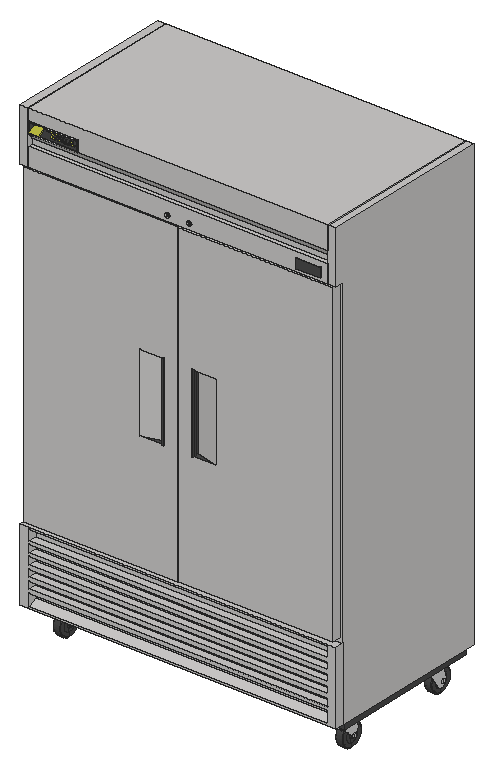
Revit family "QF_TRUE_TS-49-HC_cat", category Specialty Equipment, Revit 2014
Parameters
  Width = 54 1/8"
  Weight = "400"
  Watts = Volts * FL Amps  # 621 W
  Volts = 115 V
  URL Manufacturer = "www.truemfg.com"
  URL Cutsheet = "www.truemfg.com"
  URL = "www.truemfg.com"
  Type Mark [instance] = ""
  Type Comments = "www.truemfg.com"
  Status [instance] = ""
  Specification by User [instance] = ""
  Specification by Manufacturer = ""
  Show Seismic Flanged [instance] = no
  Show Logo [instance] = yes
  Show Legs [instance] = no
  Show Clearance [instance] = yes
  Serial Number = ""
  Seismic Rating = ""
  Seismic Plate [instance] = and(Show Seismic Flanged, not(Show Casters))  # no
  SMACNA No = ""
  Revision Code [instance] = ""
  Phase = 1
  Omniclass Number and Title = ""
  Number of Poles [instance] = 1
  NAFEM Spec ID Number = ""
  Model = "TS-49-HC"
  Min Ckt Ampacity = 0 A
  Max Overcurrent Protection = 0 A
  MasterSpec. = ""
  Manufacturer = "TRUE FOOD SERVICE EQUIPMENT, INC."
  Legs [instance] = or(Show Legs, Show Seismic Flanged)  # no
  Item Number [instance] = ""
  Installed By [instance] = ""
  Identify Quantity as Lot [instance] = yes
  Height = 83 5/16"
  HP = "1/2"
  Furnished By [instance] = ""
  Foodservice Equipment Identifier [instance] = yes
  FL Amps = 5.4 A
  Electrical Remarks [instance] = "230-240/50/1"
  Electric Connection Type [instance] = ""
  Elec Conn RI Height [instance] = 0"
  Elec Conn Connection Height [instance] = 0"
  Description = "REACH-IN SOLID SWING DOOR STAINLESS STEEL REFRIGERATOR WITH HYDROCARBON REFRIGERANT"
  Depth = 29 1/2"
  Cycle = 60 Hz
  Conn Plug = "NEMA-5-15P"
  Conn Conduit = yes
  Show Casters [instance] = and(not(Show Legs), not(Show Seismic Flanged))  # yes
  CSI MasterFormat = ""
  CSI Master Format = ""
  Body Finish = QF_Finishes_Stainless Steel
  Base Height [instance] = if(Show Casters, 5", 6")  # 5"
  Apparent Power = if(Phase = 3, Volts * FL Amps * 1.73, Volts * FL Amps)  # 621 VA
Reference planes (in)
  plane 1 "BACK": y = 0
  plane 2: z = 0
  plane 3 "LEFT": x = 0
  plane 4 "RIGHT": x = 54.125
  plane 5 "x": y = -31.09375
  plane 6 "TOP": z = 84.3125
  plane 7: z = 5
  plane 8 "FRONT": y = -29.5
  plane 9: z = 83.3125
Forms (in)
  Revolve 1, solid, material "QF_Finishes_Black", visible <- "Show Casters"
    sketch origin (53.28125, -23.20176, 0.5) x (-1, 0, 0) y (0, 0, -1)
      loop
        line (1.475, -3.5) -> (2.525, -3.5) -> (2.62908, -3.39592) -> (2.62908, -2.79941) -> (2.46399, -2.79941) -> (2.46399, -2.04941) -> (2.62908, -2.04941) -> (2.62908, -1.79941) -> (3.025, -1.79941) -> (3.025, -1.5) -> (0.975, -1.5) -> (0.975, -1.79941) -> (1.375, -1.79941) -> (1.375, -2.04941) -> (1.53601, -2.04941) -> (1.53601, -2.79941) -> (1.375, -2.79941) -> (1.375, -3.4) -> (1.475, -3.5)
      axis (3.025, -1.5) -> (0.975, -1.5)
    angle from 0 to 360
  Extrusion 2, solid, material "QF_Finishes_Handrails and Railings", visible <- "Show Casters"
    sketch origin (53.28125, -2.93273, 0.00141) x (0, 1, 0) y (0, 0, -1)
      loop
        line (-22.72048, -4.36074) -> (-19.97048, -4.36074) -> (-19.32266, -3.00185)
        arc (-19.32266, -3.00185) -> (-19.76408, -2.15178) -> (-20.72128, -2.18736) r 0.8952
        line (-20.72128, -2.18736) -> (-22.47048, -3.75589) -> (-22.72048, -3.75589) -> (-22.72048, -4.36074)
      loop
        line (-3.8577, -4.36074) -> (-1.1077, -4.36074) -> (-0.49013, -2.16805)
        arc (-0.49013, -2.16805) -> (-0.83033, -1.19773) -> (-1.8585, -1.18736) r 0.8952
        line (-1.8585, -1.18736) -> (-3.6077, -3.75589) -> (-3.8577, -3.75589) -> (-3.8577, -4.36074)
    from 1.175 to 1.325
  Extrusion 3, solid, material "QF_Finishes_Handrails and Railings", visible <- "Show Casters"
    sketch origin (51.78125, -2.93273, 0.00141) x (0, 1, 0) y (0, 0, -1)
      loop
        line (-22.72048, -4.36074) -> (-19.97048, -4.36074) -> (-19.32266, -3.00185)
        arc (-19.32266, -3.00185) -> (-19.76408, -2.15178) -> (-20.72128, -2.18736) r 0.8952
        line (-20.72128, -2.18736) -> (-22.47048, -3.75589) -> (-22.72048, -3.75589) -> (-22.72048, -4.36074)
      loop
        line (-3.8577, -4.36074) -> (-1.1077, -4.36074) -> (-0.49013, -2.16805)
        arc (-0.49013, -2.16805) -> (-0.83033, -1.19773) -> (-1.8585, -1.18736) r 0.8952
        line (-1.8585, -1.18736) -> (-3.6077, -3.75589) -> (-3.8577, -3.75589) -> (-3.8577, -4.36074)
    from 1.175 to 1.325
  Revolve 4, solid, material "QF_Finishes_Chrome - Satin", visible <- "Show Casters"
    sketch origin (53.28125, -24.38926, -1.49859) x (-1, 0, 0) y (0, 0, -1)
      loop
        line (2, -6.49859) -> (2, -5.86074) -> (0.70293, -5.86074) -> (0.70293, -6.49859) -> (2, -6.49859)
      axis (2, -5.86074) -> (2, -6.49859)
    angle from 0 to 360
  Revolve 5, solid, material "QF_Finishes_Chrome - Satin", visible <- "Show Casters"
    sketch origin (53.28125, -5.63594, -0.49859) x (-1, 0, 0) y (0, 0, -1)
      loop
        line (2, -4.86074) -> (0.70293, -4.86074) -> (0.70293, -5.49859) -> (2, -5.49859) -> (2, -4.86074)
      axis (2, -4.86074) -> (2, -5.49859)
    angle from 0 to 360
  Extrusion 6, solid, material "QF_Finishes_Handrails and Railings", visible <- "Show Casters"
    sketch origin (101.0625, -2.93273, 0.00141) x (0, 1, 0) y (0, 0, -1)
      loop
        line (-3.8577, -4.36074) -> (-1.1077, -4.36074) -> (-1.07167, -4.06727) -> (-3.6077, -3.75589) -> (-3.8577, -3.75589) -> (-3.8577, -4.36074)
      loop
        line (-22.72048, -4.36074) -> (-19.97048, -4.36074) -> (-19.93445, -4.06727) -> (-22.47048, -3.75589) -> (-22.72048, -3.75589) -> (-22.72048, -4.36074)
    from 49.10625 to 50.45625
  Revolve 7, solid, material "QF_Finishes_Black", visible <- "Show Casters"
    sketch origin (53.28125, -4.15148, 0.5) x (-1, 0, 0) y (0, 0, -1)
      loop
        line (1.475, -3.5) -> (2.525, -3.5) -> (2.62908, -3.39592) -> (2.62908, -2.79941) -> (2.46399, -2.79941) -> (2.46399, -2.04941) -> (2.62908, -2.04941) -> (2.62908, -1.79941) -> (3.025, -1.79941) -> (3.025, -1.5) -> (0.975, -1.5) -> (0.975, -1.79941) -> (1.375, -1.79941) -> (1.375, -2.04941) -> (1.53601, -2.04941) -> (1.53601, -2.79941) -> (1.375, -2.79941) -> (1.375, -3.4) -> (1.475, -3.5)
      axis (3.025, -1.5) -> (0.975, -1.5)
    angle from 0 to 360
  Revolve 8, solid, material "QF_Finishes_Black", visible <- "Show Casters"
    sketch origin (0.84375, -23.20176, 0.5) x (1, 0, 0) y (0, 0, 1)
      loop
        line (1.475, 3.5) -> (1.375, 3.4) -> (1.375, 2.79941) -> (1.53601, 2.79941) -> (1.53601, 2.04941) -> (1.375, 2.04941) -> (1.375, 1.79941) -> (0.975, 1.79941) -> (0.975, 1.5) -> (3.025, 1.5) -> (3.025, 1.79941) -> (2.62908, 1.79941) -> (2.62908, 2.04941) -> (2.46399, 2.04941) -> (2.46399, 2.79941) -> (2.62908, 2.79941) -> (2.62908, 3.39592) -> (2.525, 3.5) -> (1.475, 3.5)
      axis (3.025, 1.5) -> (0.975, 1.5)
    angle from 0 to 360
  Extrusion 9, solid, material "QF_Finishes_Handrails and Railings", visible <- "Show Casters"
    sketch origin (0.84375, -2.93273, 0.00141) x (0, 1, 0) y (0, 0, 1)
      loop
        line (-22.72048, 4.36074) -> (-22.72048, 3.75589) -> (-22.47048, 3.75589) -> (-20.72128, 2.18736)
        arc (-20.72128, 2.18736) -> (-19.76408, 2.15178) -> (-19.32266, 3.00185) r 0.8952
        line (-19.32266, 3.00185) -> (-19.97048, 4.36074) -> (-22.72048, 4.36074)
      loop
        line (-3.8577, 4.36074) -> (-3.8577, 3.75589) -> (-3.6077, 3.75589) -> (-1.8585, 2.18736)
        arc (-1.8585, 2.18736) -> (-0.83033, 2.19773) -> (-0.49013, 3.16805) r 0.8952
        line (-0.49013, 3.16805) -> (-1.1077, 4.36074) -> (-3.8577, 4.36074)
    from 1.175 to 1.325
  Revolve 10, solid, material "QF_Finishes_Chrome - Satin", visible <- "Show Casters"
    sketch origin (0.84375, -24.38926, -1.49859) x (1, 0, 0) y (0, 0, 1)
      loop
        line (2, 6.49859) -> (0.70293, 6.49859) -> (0.70293, 5.86074) -> (2, 5.86074) -> (2, 6.49859)
      axis (2, 5.86074) -> (2, 6.49859)
    angle from 0 to 360
  Revolve 11, solid, material "QF_Finishes_Chrome - Satin", visible <- "Show Casters"
    sketch origin (0.84375, -5.63594, -0.49859) x (1, 0, 0) y (0, 0, 1)
      loop
        line (2, 4.86074) -> (2, 5.49859) -> (0.70293, 5.49859) -> (0.70293, 4.86074) -> (2, 4.86074)
      axis (2, 4.86074) -> (2, 5.49859)
    angle from 0 to 360
  Extrusion 12, solid, material "QF_Finishes_Handrails and Railings", visible <- "Show Casters"
    sketch origin (-46.9375, -2.93273, 0.00141) x (0, 1, 0) y (0, 0, 1)
      loop
        line (-3.8577, 4.36074) -> (-3.8577, 3.75589) -> (-3.6077, 3.75589) -> (-1.07167, 4.06727) -> (-1.1077, 4.36074) -> (-3.8577, 4.36074)
      loop
        line (-22.72048, 4.36074) -> (-22.72048, 3.75589) -> (-22.47048, 3.75589) -> (-19.93445, 4.06727) -> (-19.97048, 4.36074) -> (-22.72048, 4.36074)
    from 49.10625 to 50.45625
  Revolve 13, solid, material "QF_Finishes_Black", visible <- "Show Casters"
    sketch origin (0.84375, -4.15148, 0.5) x (1, 0, 0) y (0, 0, 1)
      loop
        line (1.475, 3.5) -> (1.375, 3.4) -> (1.375, 2.79941) -> (1.53601, 2.79941) -> (1.53601, 2.04941) -> (1.375, 2.04941) -> (1.375, 1.79941) -> (0.975, 1.79941) -> (0.975, 1.5) -> (3.025, 1.5) -> (3.025, 1.79941) -> (2.62908, 1.79941) -> (2.62908, 2.04941) -> (2.46399, 2.04941) -> (2.46399, 2.79941) -> (2.62908, 2.79941) -> (2.62908, 3.39592) -> (2.525, 3.5) -> (1.475, 3.5)
      axis (3.025, 1.5) -> (0.975, 1.5)
    angle from 0 to 360
  Revolve 14, solid, material "QF_Finishes_Stainless Steel" <- "Body Finish", visible <- "Legs"
    sketch origin (0.84375, -23.09219, 0) x (1, 0, 0) y (0, 0, 1)
      loop
        line (2, 5) -> (0.68084, 5) -> (1.25, 1) -> (1.5, 1) -> (1.5, 0) -> (2, 0) -> (2, 5)
      axis (2, 0) -> (2, 5)
    angle from 0 to 360
  Revolve 15, solid, material "QF_Finishes_Stainless Steel" <- "Body Finish", visible <- "Legs"
    sketch origin (0.84375, -4.15148, 0) x (1, 0, 0) y (0, 0, -1)
      loop
        line (2, -5) -> (2, 0) -> (1.5, 0) -> (1.5, -1) -> (1.25, -1) -> (0.68084, -5) -> (2, -5)
      axis (2, 0) -> (2, -5)
    angle from 0 to 360
  Extrusion 16, solid, material "QF_Finishes_Stainless Steel" <- "Body Finish", visible <- "Seismic Plate"
    sketch origin (-0.22541, -2.45732, 0) x (1, 0, 0) y (0, 1, 0)
      loop
        circle (3.06916, -1.69416) r 1.5
    from 0 to 0.25
  Extrusion 17, solid, material "QF_Finishes_Stainless Steel" <- "Body Finish", visible <- "Seismic Plate"
    sketch origin (-0.22541, -21.39804, 0) x (1, 0, 0) y (0, 1, 0)
      loop
        circle (3.06916, -1.69416) r 1.5
    from 0 to 0.25
  Revolve 18, solid, material "QF_Finishes_Stainless Steel" <- "Body Finish", visible <- "Legs"
    sketch origin (53.28125, -23.09219, 0) x (-1, 0, 0) y (0, 0, -1)
      loop
        line (2, -5) -> (2, 0) -> (1.5, 0) -> (1.5, -1) -> (1.25, -1) -> (0.68084, -5) -> (2, -5)
      axis (2, 0) -> (2, -5)
    angle from 0 to 360
  Revolve 19, solid, material "QF_Finishes_Stainless Steel" <- "Body Finish", visible <- "Legs"
    sketch origin (53.28125, -4.15148, 0) x (-1, 0, 0) y (0, 0, 1)
      loop
        line (2, 5) -> (0.68084, 5) -> (1.25, 1) -> (1.5, 1) -> (1.5, 0) -> (2, 0) -> (2, 5)
      axis (2, 0) -> (2, 5)
    angle from 0 to 360
  Extrusion 20, solid, material "QF_Finishes_Stainless Steel" <- "Body Finish", visible <- "Seismic Plate"
    sketch origin (54.35041, -2.45732, 0) x (-1, 0, 0) y (0, -1, 0)
      loop
        circle (3.06916, 1.69416) r 1.5
    from 0 to 0.25
  Extrusion 21, solid, material "QF_Finishes_Stainless Steel" <- "Body Finish", visible <- "Seismic Plate"
    sketch origin (54.35041, -21.39804, 0) x (-1, 0, 0) y (0, -1, 0)
      loop
        circle (3.06916, 1.69416) r 1.5
    from 0 to 0.25
  Extrusion 22, solid, material "QF_Finishes_Chrome - Satin"
    sketch origin (0, 0, 0) x (1, 0, 0) y (0, 0, 1)
      loop
        circle (6.0625, 12) r 0.25
    from 0 to 0.0625
  Extrusion 23, solid, material "QF_Finishes_Handrails and Railings", visible <- "Show Casters"
    sketch origin (4.84375, -2.93273, 0.00141) x (0, 1, 0) y (0, 0, -1)
      loop
        line (-22.72048, -4.36074) -> (-19.97048, -4.36074) -> (-19.32266, -3.00185)
        arc (-19.32266, -3.00185) -> (-19.76408, -2.15178) -> (-20.72128, -2.18736) r 0.8952
        line (-20.72128, -2.18736) -> (-22.47048, -3.75589) -> (-22.72048, -3.75589) -> (-22.72048, -4.36074)
      loop
        line (-3.8577, -4.36074) -> (-1.1077, -4.36074) -> (-0.49013, -3.16805)
        arc (-0.49013, -3.16805) -> (-0.83033, -2.19773) -> (-1.8585, -2.18736) r 0.8952
        line (-1.8585, -2.18736) -> (-3.6077, -3.75589) -> (-3.8577, -3.75589) -> (-3.8577, -4.36074)
    from 1.175 to 1.325
Lines and regions (in)
  symbolic lines, style "SpecialityEquipmentHiddenLines", visible <- "Show Casters"
    curve 1: line (1.38909, -5.62103, 0) -> (2.29841, -6.14603, 0)
    curve 2: line (3.38909, -2.15693, 0) -> (1.38909, -5.62103, 0)
    curve 3: line (4.29841, -2.68193, 0) -> (3.38909, -2.15693, 0)
    curve 4: line (2.29841, -6.14603, 0) -> (4.29841, -2.68193, 0)
    curve 5: line (49.82659, -5.62103, 0) -> (50.73591, -6.14603, 0)
    curve 6: line (51.82659, -2.15693, 0) -> (49.82659, -5.62103, 0)
    curve 7: line (52.73591, -2.68193, 0) -> (51.82659, -2.15693, 0)
    curve 8: line (50.73591, -6.14603, 0) -> (52.73591, -2.68193, 0)
    curve 9: line (1.38909, -24.67131, 0) -> (2.29841, -25.19631, 0)
    curve 10: line (3.38909, -21.20721, 0) -> (1.38909, -24.67131, 0)
    curve 11: line (4.29841, -21.73221, 0) -> (3.38909, -21.20721, 0)
    curve 12: line (2.29841, -25.19631, 0) -> (4.29841, -21.73221, 0)
    curve 13: line (49.82659, -24.67131, 0) -> (50.73591, -25.19631, 0)
    curve 14: line (51.82659, -21.20721, 0) -> (49.82659, -24.67131, 0)
    curve 15: line (52.73591, -21.73221, 0) -> (51.82659, -21.20721, 0)
    curve 16: line (50.73591, -25.19631, 0) -> (52.73591, -21.73221, 0)
Dimensions and locks (in)
  "Width": plane 3 "LEFT" to plane 4 "RIGHT"
  "Base Height": plane 7 to level
  locked: plane 7 to Revolve 8 sketch curve at 3
  locked: plane 7 to Revolve 13 sketch curve at 3
  plane 1 "BACK" to plane 5 "x" = 31 3/32"
  Extrusion 22 sketch curve to Extrusion 22 sketch curve to plane 7 = 1/2" locked, 6 3/4" locked
  "Height": nested 1 to level
  "Depth": plane 8 "FRONT" to plane 1 "BACK"
  plane 5 "x" to plane 1 "BACK" = 31 3/32"
  aligned and locked: level to plane 2
  aligned and locked: plane 7 to Revolve 4  (x2)
  aligned and locked: Revolve 4 to Extrusion 3
  aligned and locked: Revolve 11 to Revolve 10
  aligned and locked: Revolve 10 to plane 7  (x2)
  aligned and locked: Revolve 11 to plane 7
  aligned and locked: Revolve 5 to Revolve 4
  aligned and locked: plane 7 to Revolve 5
  aligned and locked: plane 1 "BACK" to nested 1
  aligned and locked: plane 3 "LEFT" to nested 1
  aligned and locked: plane 7 to nested 1
Automatic sketch dimensions
  Revolve 1 sketch curve to plane 4 "RIGHT" = 1.33602"
  Revolve 1 sketch curve to Revolve 1 sketch curve = 0.48273"
  Revolve 1 sketch curve to Revolve 1 sketch curve = 0.4"  (x2)
  Revolve 1 sketch curve to Revolve 1 sketch curve = 0.1"  (x2)
  Revolve 1 sketch curve to Revolve 1 sketch curve = 0.16101"
  Revolve 1 sketch curve to Revolve 1 sketch curve = 0.59307"
  Revolve 1 sketch curve to Revolve 1 sketch curve = 0.92798"
  Revolve 1 sketch curve to Revolve 1 sketch curve = 0.06101"
  Revolve 1 sketch curve to Revolve 1 sketch curve = 0.16509"  (x2)
  Revolve 1 sketch curve to Revolve 1 sketch curve = 0.39592"
  Revolve 1 sketch curve to plane 7 = 1"
  Revolve 1 sketch curve to Revolve 1 sketch curve = 0.10408"
  Revolve 1 sketch curve to Revolve 1 sketch curve = 0.59652"
  Revolve 1 sketch curve to Revolve 1 sketch curve = 0.60059"
  Revolve 1 sketch curve to Revolve 1 sketch curve = 3/4"  (x2)
  Revolve 1 sketch curve to Revolve 1 sketch curve = 1/4"  (x2)
  Revolve 1 sketch curve to Revolve 1 sketch curve = 0.29941"  (x2)
  Extrusion 2 sketch curve to plane 7 = 1.24271"  (x2)
  Extrusion 2 sketch curve to plane 5 "x" = 5.44054"
  Extrusion 2 sketch curve to Extrusion 2 sketch curve = 1/4"  (x2)
  level to Extrusion 2 sketch curve = 2.18876"
  Extrusion 2 sketch curve to Extrusion 2 sketch curve = 1.7492"  (x2)
  Extrusion 2 sketch curve to Extrusion 2 sketch curve = 0.50669"  (x2)
  Extrusion 2 sketch curve to plane 7 = 0.63785"  (x2)
  Extrusion 2 sketch curve to Extrusion 2 sketch curve = 0.24411"  (x2)
  Extrusion 2 sketch curve to Extrusion 2 sketch curve = 0.89192"
  plane 1 "BACK" to Extrusion 2 sketch curve = 6.79043"
  level to Extrusion 2 sketch curve = 1.18876"
  Extrusion 2 sketch curve to Extrusion 2 sketch curve = 0.86168"
  Extrusion 2 sketch curve to Extrusion 2 sketch curve = 1.35889"
  Extrusion 2 sketch curve to Extrusion 2 sketch curve = 0.98069"
  Extrusion 3 sketch curve to plane 7 = 1.24271"  (x2)
  Extrusion 3 sketch curve to plane 5 "x" = 5.44054"
  Extrusion 3 sketch curve to Extrusion 3 sketch curve = 1/4"  (x2)
  level to Extrusion 3 sketch curve = 2.18876"
  Extrusion 3 sketch curve to Extrusion 3 sketch curve = 1.7492"  (x2)
  Extrusion 3 sketch curve to Extrusion 3 sketch curve = 0.50669"  (x2)
  Extrusion 3 sketch curve to plane 7 = 0.63785"  (x2)
  Extrusion 3 sketch curve to Extrusion 3 sketch curve = 0.24411"  (x2)
  Extrusion 3 sketch curve to Extrusion 3 sketch curve = 0.89192"
  plane 1 "BACK" to Extrusion 3 sketch curve = 6.79043"
  level to Extrusion 3 sketch curve = 1.18876"
  Extrusion 3 sketch curve to Extrusion 3 sketch curve = 0.86168"
  Extrusion 3 sketch curve to Extrusion 3 sketch curve = 1.35889"
  Extrusion 3 sketch curve to Extrusion 3 sketch curve = 0.98069"
  Revolve 4 sketch curve to plane 7 = 0"
  Revolve 4 sketch curve to plane 4 "RIGHT" = 1.54668"
  Revolve 4 sketch curve to Revolve 4 sketch curve = 1.29707"
  Revolve 4 sketch curve to Revolve 4 sketch curve = 0"
  Revolve 4 sketch curve to Revolve 4 sketch curve = 0.26909"
  Revolve 4 sketch curve to plane 7 = 0.63785"
  Revolve 4 sketch curve to Revolve 4 sketch curve = 0.09306"
  Revolve 5 sketch curve to plane 7 = 0"
  Revolve 5 sketch curve to plane 7 = 0.63785"
  Revolve 5 sketch curve to plane 4 "RIGHT" = 1.54668"
  Revolve 5 sketch curve to Revolve 5 sketch curve = 1.29707"
  Revolve 5 sketch curve to Revolve 5 sketch curve = 0"
  plane 7 to Revolve 5 sketch curve = 0.26909"
  Revolve 5 sketch curve to Revolve 5 sketch curve = 0.09306"
  Extrusion 6 sketch curve to plane 7 = 0.63785"  (x2)
  Extrusion 6 sketch curve to plane 5 "x" = 5.44054"
  Extrusion 6 sketch curve to plane 7 = 1.24271"  (x2)
  Extrusion 6 sketch curve to Extrusion 6 sketch curve = 1/4"  (x2)
  Extrusion 6 sketch curve to Extrusion 6 sketch curve = 2 1/2"  (x2)
  Extrusion 6 sketch curve to plane 7 = 0.93132"  (x2)
  plane 1 "BACK" to Extrusion 6 sketch curve = 6.79043"
  Revolve 7 sketch curve to plane 4 "RIGHT" = 1.33602"
  Revolve 7 sketch curve to Revolve 7 sketch curve = 0.48273"
  Revolve 7 sketch curve to Revolve 7 sketch curve = 0.4"  (x2)
  Revolve 7 sketch curve to Revolve 7 sketch curve = 0.1"  (x2)
  Revolve 7 sketch curve to Revolve 7 sketch curve = 0.16101"
  Revolve 7 sketch curve to Revolve 7 sketch curve = 0.59307"
  Revolve 7 sketch curve to Revolve 7 sketch curve = 0.92798"
  Revolve 7 sketch curve to Revolve 7 sketch curve = 0.06101"
  Revolve 7 sketch curve to Revolve 7 sketch curve = 0.16509"  (x2)
  Revolve 7 sketch curve to Revolve 7 sketch curve = 0.39592"
  Revolve 7 sketch curve to plane 7 = 1"
  Revolve 7 sketch curve to Revolve 7 sketch curve = 0.10408"
  Revolve 7 sketch curve to Revolve 7 sketch curve = 0.59652"
  Revolve 7 sketch curve to Revolve 7 sketch curve = 0.60059"
  Revolve 7 sketch curve to Revolve 7 sketch curve = 3/4"  (x2)
  Revolve 7 sketch curve to Revolve 7 sketch curve = 1/4"  (x2)
  Revolve 7 sketch curve to Revolve 7 sketch curve = 0.29941"  (x2)
  plane 3 "LEFT" to Revolve 8 sketch curve = 1.33602"
  Revolve 8 sketch curve to Revolve 8 sketch curve = 0.48273"
  Revolve 8 sketch curve to Revolve 8 sketch curve = 0.4"  (x2)
  Revolve 8 sketch curve to Revolve 8 sketch curve = 0.1"  (x2)
  Revolve 8 sketch curve to Revolve 8 sketch curve = 0.16101"
  Revolve 8 sketch curve to Revolve 8 sketch curve = 0.59307"
  Revolve 8 sketch curve to Revolve 8 sketch curve = 0.92798"
  Revolve 8 sketch curve to Revolve 8 sketch curve = 0.06101"
  Revolve 8 sketch curve to Revolve 8 sketch curve = 0.16509"  (x2)
  Revolve 8 sketch curve to Revolve 8 sketch curve = 0.39592"
  Revolve 8 sketch curve to Revolve 8 sketch curve = 0"
  Revolve 8 sketch curve to Revolve 8 sketch curve = 0.29941"  (x2)
  Revolve 8 sketch curve to Revolve 8 sketch curve = 1/4"  (x2)
  Revolve 8 sketch curve to Revolve 8 sketch curve = 3/4"  (x2)
  Revolve 8 sketch curve to Revolve 8 sketch curve = 0.59652"
  Revolve 8 sketch curve to Revolve 8 sketch curve = 0.60059"
  Extrusion 9 sketch curve to plane 7 = 1.24271"  (x2)
  Extrusion 9 sketch curve to plane 5 "x" = 5.44054"
  Extrusion 9 sketch curve to Extrusion 9 sketch curve = 1/4"  (x2)
  level to Extrusion 9 sketch curve = 2.18876"  (x2)
  Extrusion 9 sketch curve to Extrusion 9 sketch curve = 1.7492"  (x2)
  Extrusion 9 sketch curve to Extrusion 9 sketch curve = 0.50669"  (x2)
  Extrusion 9 sketch curve to plane 7 = 0.63785"  (x2)
  Extrusion 9 sketch curve to Extrusion 9 sketch curve = 0.24411"  (x2)
  Extrusion 9 sketch curve to Extrusion 9 sketch curve = 0.89192"
  plane 1 "BACK" to Extrusion 9 sketch curve = 6.79043"
  Extrusion 9 sketch curve to Extrusion 9 sketch curve = 0.86168"
  Extrusion 9 sketch curve to Extrusion 9 sketch curve = 0.738"  (x2)
  Revolve 10 sketch curve to plane 7 = 0"
  plane 3 "LEFT" to Revolve 10 sketch curve = 1.54668"
  Revolve 10 sketch curve to Revolve 10 sketch curve = 1.29707"
  Revolve 10 sketch curve to Revolve 10 sketch curve = 0"
  Revolve 10 sketch curve to Revolve 10 sketch curve = 0.63785"
  Revolve 10 sketch curve to Revolve 10 sketch curve = 0.09306"
  plane 7 to Revolve 10 sketch curve = 0.26909"
  Revolve 11 sketch curve to plane 7 = 0"
  Revolve 11 sketch curve to plane 7 = 0.63785"
  plane 3 "LEFT" to Revolve 11 sketch curve = 1.54668"
  Revolve 11 sketch curve to Revolve 11 sketch curve = 1.29707"
  Revolve 11 sketch curve to Revolve 11 sketch curve = 0"
  Revolve 11 sketch curve to Revolve 11 sketch curve = 0.09306"
  Revolve 11 sketch curve to Revolve 11 sketch curve = 0.26909"
  Extrusion 12 sketch curve to plane 7 = 0.63785"  (x2)
  Extrusion 12 sketch curve to plane 5 "x" = 5.44054"
  Extrusion 12 sketch curve to plane 7 = 1.24271"  (x2)
  Extrusion 12 sketch curve to Extrusion 12 sketch curve = 1/4"  (x2)
  Extrusion 12 sketch curve to Extrusion 12 sketch curve = 2 1/2"  (x2)
  Extrusion 12 sketch curve to plane 7 = 0.93132"  (x2)
  plane 1 "BACK" to Extrusion 12 sketch curve = 6.79043"
  plane 3 "LEFT" to Revolve 13 sketch curve = 1.33602"
  Revolve 13 sketch curve to Revolve 13 sketch curve = 0.48273"
  Revolve 13 sketch curve to Revolve 13 sketch curve = 0.4"  (x2)
  Revolve 13 sketch curve to Revolve 13 sketch curve = 0.1"  (x2)
  Revolve 13 sketch curve to Revolve 13 sketch curve = 0.16101"
  Revolve 13 sketch curve to Revolve 13 sketch curve = 0.59307"
  Revolve 13 sketch curve to Revolve 13 sketch curve = 0.92798"
  Revolve 13 sketch curve to Revolve 13 sketch curve = 0.06101"
  Revolve 13 sketch curve to Revolve 13 sketch curve = 0.16509"  (x2)
  Revolve 13 sketch curve to Revolve 13 sketch curve = 0.39592"
  Revolve 13 sketch curve to Revolve 13 sketch curve = 0"
  Revolve 13 sketch curve to Revolve 13 sketch curve = 0.29941"  (x2)
  Revolve 13 sketch curve to Revolve 13 sketch curve = 1/4"  (x2)
  Revolve 13 sketch curve to Revolve 13 sketch curve = 3/4"  (x2)
  Revolve 13 sketch curve to Revolve 13 sketch curve = 0.59652"
  Revolve 13 sketch curve to Revolve 13 sketch curve = 0.60059"
  Revolve 14 sketch curve to plane 7 = 0"
  Revolve 14 sketch curve to level = 0"
  plane 3 "LEFT" to Revolve 14 sketch curve = 1.52459"
  level to Revolve 14 sketch curve = 1"
  plane 3 "LEFT" to Revolve 14 sketch curve = 2 3/32"
  Revolve 14 sketch curve to Revolve 14 sketch curve = 1/4"
  Revolve 14 sketch curve to Revolve 14 sketch curve = 1/2"  (x2)
  Revolve 14 sketch curve to Revolve 14 sketch curve = 0"
  plane 7 to Revolve 14 sketch curve = 1 29/32"
  Revolve 15 sketch curve to plane 7 = 0"
  Revolve 15 sketch curve to level = 0"
  plane 3 "LEFT" to Revolve 15 sketch curve = 1.52459"
  level to Revolve 15 sketch curve = 1"
  plane 3 "LEFT" to Revolve 15 sketch curve = 2 3/32"
  Revolve 15 sketch curve to Revolve 15 sketch curve = 1/4"
  Revolve 15 sketch curve to Revolve 15 sketch curve = 1/2"  (x2)
  Revolve 15 sketch curve to Revolve 15 sketch curve = 0"
  plane 7 to Revolve 15 sketch curve = 1 29/32"
  plane 3 "LEFT" to Extrusion 16 sketch curve = 2 27/32"
  plane 1 "BACK" to Extrusion 16 sketch curve = 4.15148"
  plane 3 "LEFT" to Extrusion 17 sketch curve = 2 27/32"
  Extrusion 17 sketch curve to plane 5 "x" = 8.00156"
  Revolve 18 sketch curve to plane 7 = 0"
  Revolve 18 sketch curve to level = 0"
  Revolve 18 sketch curve to plane 4 "RIGHT" = 1.52459"
  level to Revolve 18 sketch curve = 1"
  Revolve 18 sketch curve to plane 4 "RIGHT" = 2 3/32"
  Revolve 18 sketch curve to Revolve 18 sketch curve = 1/4"
  Revolve 18 sketch curve to Revolve 18 sketch curve = 1/2"  (x2)
  Revolve 18 sketch curve to Revolve 18 sketch curve = 0"
  plane 7 to Revolve 18 sketch curve = 1 29/32"
  Revolve 19 sketch curve to plane 7 = 0"
  Revolve 19 sketch curve to level = 0"
  Revolve 19 sketch curve to plane 4 "RIGHT" = 1.52459"
  level to Revolve 19 sketch curve = 1"
  Revolve 19 sketch curve to plane 4 "RIGHT" = 2 3/32"
  Revolve 19 sketch curve to Revolve 19 sketch curve = 1/4"
  Revolve 19 sketch curve to Revolve 19 sketch curve = 1/2"  (x2)
  Revolve 19 sketch curve to Revolve 19 sketch curve = 0"
  plane 7 to Revolve 19 sketch curve = 1 29/32"
  Extrusion 20 sketch curve to plane 4 "RIGHT" = 2 27/32"
  plane 1 "BACK" to Extrusion 20 sketch curve = 4.15148"
  Extrusion 21 sketch curve to plane 4 "RIGHT" = 2 27/32"
  Extrusion 21 sketch curve to plane 5 "x" = 8.00156"
  plane 3 "LEFT" to Extrusion 22 sketch curve = 6 1/16"
  Extrusion 23 sketch curve to plane 7 = 1.24271"  (x2)
  Extrusion 23 sketch curve to plane 5 "x" = 5.44054"
  Extrusion 23 sketch curve to Extrusion 23 sketch curve = 1/4"  (x2)
  level to Extrusion 23 sketch curve = 2.18876"
  Extrusion 23 sketch curve to Extrusion 23 sketch curve = 1.7492"  (x2)
  Extrusion 23 sketch curve to Extrusion 23 sketch curve = 0.50669"  (x2)
  Extrusion 23 sketch curve to plane 7 = 0.63785"  (x2)
  Extrusion 23 sketch curve to Extrusion 23 sketch curve = 0.24411"  (x2)
  Extrusion 23 sketch curve to Extrusion 23 sketch curve = 0.89192"
  plane 1 "BACK" to Extrusion 23 sketch curve = 6.79043"
  Extrusion 23 sketch curve to Extrusion 23 sketch curve = 0.86168"
  Extrusion 23 sketch curve to Extrusion 23 sketch curve = 1.19269"
  Extrusion 23 sketch curve to Extrusion 23 sketch curve = 1.35889"
  Extrusion 23 sketch curve to Extrusion 23 sketch curve = 0.24269"
  plane 3 "LEFT" to curve 2 = 1.38909"
  plane 3 "LEFT" to curve 10 = 1.38909"
  curve 1 to curve 1 = 0.90933"
  curve 9 to curve 9 = 0.90933"
  plane 3 "LEFT" to curve 2 = 3.38909"
  plane 3 "LEFT" to curve 11 = 3.38909"
  curve 13 to plane 4 "RIGHT" = 4.29841"
  curve 6 to plane 4 "RIGHT" = 4.29841"
  curve 13 to curve 13 = 0.90933"
  curve 5 to curve 8 = 0.90933"
  curve 15 to plane 4 "RIGHT" = 2.29841"
  curve 7 to plane 4 "RIGHT" = 2.29841"
  curve 13 to curve 14 = 0.525"
  curve 9 to curve 10 = 0.525"
  plane 1 "BACK" to curve 8 = 6.14603"
  plane 1 "BACK" to curve 1 = 6.14603"
  curve 5 to curve 6 = 0.525"
  curve 1 to curve 2 = 0.525"
  curve 14 to plane 5 "x" = 9.88654"
  curve 11 to plane 5 "x" = 9.88654"
  radius of Extrusion 16 sketch curve = 1 1/2"
  radius of Extrusion 17 sketch curve = 1 1/2"
  radius of Extrusion 20 sketch curve = 1 1/2"
  radius of Extrusion 21 sketch curve = 1 1/2"
Nested families (in)
  nested 1: "T-49-2" at (0, 0, -1), Logo <- "Show Logo", Show Clearance <- "Show Clearance", type "T-49-2"
    with Type Mark "", Specification by User "", Show Clearance yes, Revision Code "", Logo yes, Item Number "", Installed By "", Identify Quantity as Lot yes, Furnished By "", Foodservice Equipment Identifier yes
Connectors (in)
  electrical at (6.0625, 0, 12), driven by "Volts", driven by "Watts"
    settings: on Extrusion 22, index 1, voltage 115 V, apparent load 621 VA, apparent load phase1 0 VA, apparent load phase2 0 VA, apparent load phase3 0 VA, power factor 1, load classification "Other", number of poles 1, system type 30, power factor state 1, is connector primary yes, connector utility no, sub classification motor no, connector description "ELECTRICAL CONNECTION"
Definition of nested family "T-49-2"
  Parameters (values of type "T-49")
    URL = "www.truemfg.com"
    Type Mark [instance] = ""
    Type Comments = "www.truemfg.com"
    Specification by User [instance] = ""
    Specification by Manufacturer = ""
    Show Clearance [instance] = yes
    Serial Number = ""
    Seismic Rating = ""
    SMACNA No = ""
    Revision Code [instance] = ""
    Omniclass Number and Title = ""
    NAFEM Spec ID Number = ""
    Model = ""
    MasterSpec. = ""
    Manufacturer = ""
    Logo [instance] = yes
    Item Number [instance] = ""
    Installed By [instance] = ""
    Identify Quantity as Lot [instance] = yes
    Furnished By [instance] = ""
    Foodservice Equipment Identifier [instance] = yes
    Description = ""
    CSI MasterFormat = ""
    CSI Master Format = ""
    Assembly Code = ""
  Reference planes (in)
    plane 1 "BACK": y = 0
    plane 2: z = 0
    plane 3 "LEFT": x = 0
    plane 4 "RIGHT": x = 54.125
    plane 5 "FRONT": y = -29.50108
    plane 6 "TOP": z = 84.3125
    plane 7: z = 6
    plane 8: z = 82.38175
  Forms (in)
    Extrusion 1, solid, material "QF_Metal-Stainless-Satin"
      sketch origin (0, 0, 0) x (0, 1, 0) y (0, 0, 1)
        loop
          line (-28, 7.375) -> (0, 7.375) -> (0, 84.3125) -> (-29.50108, 84.3125) -> (-29.50108, 80.37908) -> (-28.68032, 79.24295) -> (-28.68032, 78.38911) -> (-29.50108, 78.38911) -> (-29.50108, 75.25) -> (-2.5, 75.25) -> (-2.5, 21) -> (-28, 21) -> (-28, 7.375)
      from 1.33114 to 52.79386
    Extrusion 2, solid, material "QF_Metal-Stainless-Satin"
      sketch origin (0, 3, 0.40625) x (1, 0, 0) y (0, 0, 1)
        loop
          line (0.6875, 20.09375) -> (27.0625, 20.09375) -> (27.0625, 74.59375) -> (0.6875, 74.59375) -> (0.6875, 20.09375)
        loop
          line (53.5625, 20.09375) -> (53.5625, 74.59375) -> (27.1875, 74.59375) -> (27.1875, 20.09375) -> (53.5625, 20.09375)
      from 31 to 32.50108
    Extrusion 3, solid, material "QF_Metal-Stainless-Satin"
      sketch origin (0, 0, 0) x (0, 1, 0) y (0, 0, 1)
        loop
          line (-28, 18.84404) -> (-28, 19.875) -> (-29.5, 19.875) -> (-29.5, 19.625) -> (-28, 18.84404)
        loop
          line (-29.49892, 7.63076) -> (-29.49892, 7.375) -> (-28, 7.375) -> (-28, 8.41116) -> (-29.49892, 7.63076)
        loop
          line (-28, 11.30682) -> (-28, 12.22667) -> (-29.50108, 12.22667) -> (-29.50108, 11.70903) -> (-28, 11.30682)
        loop
          line (-28, 13.16507) -> (-28, 14.08493) -> (-29.50108, 14.08493) -> (-29.50108, 13.56729) -> (-28, 13.16507)
        loop
          line (-28, 15.02333) -> (-28, 15.94318) -> (-29.50108, 15.94318) -> (-29.50108, 15.42554) -> (-28, 15.02333)
        loop
          line (-28, 16.88158) -> (-28, 17.80143) -> (-29.50108, 17.80143) -> (-29.50108, 17.28379) -> (-28, 16.88158)
        loop
          line (-28, 9.44857) -> (-28, 10.36842) -> (-29.50108, 10.36842) -> (-29.50108, 9.85078) -> (-28, 9.44857)
      from 0.5625 to 53.5625
    Extrusion 4, solid, material "QF_Metal-Stainless-Satin"
      sketch origin (0, 0, 0) x (1, 0, 0) y (0, 0, 1)
        loop
          line (0, 7.375) -> (1.5, 7.375) -> (1.5, 19.875) -> (0, 19.875) -> (0, 7.375)
        loop
          line (54.125, 7.375) -> (54.125, 19.875) -> (52.79386, 19.875) -> (52.79386, 7.375) -> (54.125, 7.375)
      from 28 to 29.5
    Extrusion 5, solid, material "QF_Metal-Stainless-Satin"
      sketch origin (0, 0, 1.125) x (0, 1, 0) y (0, 0, 1)
        loop
          line (0, 6.25) -> (0, 83.1875) -> (-29.50108, 83.1875) -> (-29.50108, 74.125) -> (-28, 74.125) -> (-28, 6.25) -> (0, 6.25)
      from 0 to 1.33114
    Extrusion 6, solid, material "QF_Metal-Stainless-Satin"
      sketch origin (54.125, 0, 0) x (0, 1, 0) y (0, 0, -1)
        loop
          line (0, -7.375) -> (-28, -7.375) -> (-28, -75.25) -> (-29.50108, -75.25) -> (-29.50108, -84.3125) -> (0, -84.3125) -> (0, -7.375)
      from 0 to 1.33114
    Extrusion 7, solid, material "QF_Finishes_Black"
      sketch origin (0, -29.5, 1) x (1, 0, 0) y (0, 0, 1)
        loop
          line (51.55462, 74.84875) -> (51.55462, 76.4425) -> (47.42962, 76.4425) -> (47.42962, 74.84875) -> (51.55462, 74.84875)
      from 0 to 0.1
    Extrusion 8, solid, material "QF_Wall Paint-Yellow-Matte", visible <- "Logo", detail levels medium+fine
      sketch origin (0.45342, 5.26797, 51.18158) x (1, 0, 0) y (0, 0, 1)
        loop
          line (4.18351, 30.84206) -> (4.10478, 30.67323) -> (5.15208, 30.67323)
          arc (5.15208, 30.67323) -> (5.17333, 30.63564) -> (5.15208, 30.59805) r 0.04386
          line (5.15208, 30.59805) -> (4.87892, 30.01228)
          arc (4.87892, 30.01228) -> (4.87656, 29.95802) -> (4.91325, 29.91798) r 0.07096
          line (4.91325, 29.91798) -> (5.5829, 29.91798)
          arc (5.5829, 29.91798) -> (5.66746, 29.94464) -> (5.72144, 30.01498) r 0.14742
          line (5.72144, 30.01498) -> (5.9364, 30.47597) -> (6.1339, 30.47597)
          arc (6.1339, 30.47597) -> (6.18572, 30.45692) -> (6.17822, 30.40222) r 0.04405
          line (6.17822, 30.40222) -> (5.99835, 30.01649)
          arc (5.99835, 30.01649) -> (6.00115, 29.95243) -> (6.05523, 29.91798) r 0.06943
          line (6.05523, 29.91798) -> (6.64365, 29.91798)
          arc (6.64365, 29.91798) -> (6.68873, 29.93439) -> (6.71272, 29.97594) r 0.07014
          arc (6.71272, 29.97594) -> (6.7297, 29.93495) -> (6.77068, 29.91798) r 0.05796
          line (6.77068, 29.91798) -> (7.14325, 29.91798)
          arc (7.14325, 29.91798) -> (7.18629, 29.92951) -> (7.2178, 29.96102) r 0.08608
          arc (7.2178, 29.96102) -> (7.23289, 29.9246) -> (7.26931, 29.90952) r 0.0515
          line (7.26931, 29.90952) -> (7.79882, 29.90952)
          arc (7.79882, 29.90952) -> (7.84211, 29.92745) -> (7.86005, 29.97074) r 0.06122
          arc (7.86005, 29.97074) -> (7.89973, 29.93105) -> (7.95394, 29.91653) r 0.10842
          line (7.95394, 29.91653) -> (8.94586, 29.91653) -> (9.05604, 30.10737) -> (8.05555, 30.10737)
          arc (8.05555, 30.10737) -> (8.02794, 30.12652) -> (8.02691, 30.16011) r 0.03732
          line (8.02691, 30.16011) -> (8.04422, 30.19722)
          arc (8.04422, 30.19722) -> (8.07079, 30.23203) -> (8.11255, 30.24524) r 0.07263
          line (8.11255, 30.24524) -> (8.43414, 30.24524)
          arc (8.43414, 30.24524) -> (8.50355, 30.26383) -> (8.55436, 30.31465) r 0.13882
          line (8.55436, 30.31465) -> (8.6475, 30.47597)
          arc (8.6475, 30.47597) -> (8.6475, 30.56208) -> (8.57293, 30.60513) r 0.08611
          line (8.57293, 30.60513) -> (8.23352, 30.60513)
          arc (8.23352, 30.60513) -> (8.14699, 30.59044) -> (8.08663, 30.52673) r 0.13863
          line (8.08663, 30.52673) -> (7.92534, 30.18083)
          arc (7.92534, 30.18083) -> (7.87774, 30.1188) -> (7.80316, 30.09528) r 0.13002
          line (7.80316, 30.09528) -> (7.45109, 30.09528)
          arc (7.45109, 30.09528) -> (7.40895, 30.14128) -> (7.41167, 30.2036) r 0.08151
          line (7.41167, 30.2036) -> (7.59891, 30.60513) -> (7.47974, 30.60513) -> (7.28137, 30.17972)
          arc (7.28137, 30.17972) -> (7.24283, 30.12949) -> (7.18244, 30.11046) r 0.10527
          line (7.18244, 30.11046) -> (6.93967, 30.11046)
          arc (6.93967, 30.11046) -> (6.89865, 30.16392) -> (6.90744, 30.23073) r 0.08805
          line (6.90744, 30.23073) -> (7.08203, 30.60513) -> (6.95897, 30.60513) -> (6.75801, 30.17418)
          arc (6.75801, 30.17418) -> (6.71136, 30.12753) -> (6.64764, 30.11046) r 0.12745
          line (6.64764, 30.11046) -> (6.29609, 30.11046)
          arc (6.29609, 30.11046) -> (6.23295, 30.1399) -> (6.22688, 30.2093) r 0.06967
          line (6.22688, 30.2093) -> (6.34243, 30.45711) -> (6.50577, 30.45711)
          arc (6.50577, 30.45711) -> (6.53334, 30.54018) -> (6.592, 30.60513) r 0.21289
          line (6.592, 30.60513) -> (5.95369, 30.60513)
          arc (5.95369, 30.60513) -> (5.88276, 30.58941) -> (5.83367, 30.53584) r 0.12081
          line (5.83367, 30.53584) -> (5.66065, 30.1648)
          arc (5.66065, 30.1648) -> (5.62087, 30.12502) -> (5.56653, 30.11046) r 0.10869
          line (5.56653, 30.11046) -> (5.18545, 30.11046)
          arc (5.18545, 30.11046) -> (5.15571, 30.15065) -> (5.16137, 30.20033) r 0.06822
          line (5.16137, 30.20033) -> (5.41281, 30.67323) -> (6.04721, 30.67323) -> (6.12594, 30.84206) -> (5.49154, 30.84206) -> (5.57027, 31.0109) -> (5.34459, 31.0109) -> (5.26586, 30.84206) -> (4.18351, 30.84206)
        loop
          arc (8.19062, 30.45184) -> (8.16316, 30.44448) -> (8.14305, 30.42438) r 0.05494
          line (8.14305, 30.42438) -> (8.12672, 30.37415)
          arc (8.12672, 30.37415) -> (8.13429, 30.35587) -> (8.15258, 30.34829) r 0.02586
          line (8.15258, 30.34829) -> (8.43014, 30.34829)
          arc (8.43014, 30.34829) -> (8.45013, 30.35273) -> (8.46638, 30.3652) r 0.04731
          line (8.46638, 30.3652) -> (8.47988, 30.4277)
          arc (8.47988, 30.4277) -> (8.47591, 30.44443) -> (8.46039, 30.45184) r 0.01994
          line (8.46039, 30.45184) -> (8.19062, 30.45184)
        loop
          line (1.13539, 29.3975) -> (2.84485, 29.3975) -> (3.77016, 31.00018) -> (2.0607, 31.00018) -> (1.13539, 29.3975)
      from 34.76797 to 34.83173
    Extrusion 9, solid, material "QF_Finishes_Black", visible <- "Logo", detail levels medium+fine
      sketch origin (-64.04867, 5.25, 48.33698) x (1, 0, 0) y (0, 0, 1)
        loop
          line (73.84232, 33.90728) -> (65.51732, 33.90728) -> (65.51732, 32.1796) -> (73.84232, 32.1796) -> (73.84232, 33.90728)
      from 34.75 to 34.78125
    Extrusion 10, solid, material "QF_Plastic-White-Smooth", visible <- "Logo", detail levels medium+fine
      sketch origin (-64.04867, 5.25, 48.33698) x (1, 0, 0) y (0, 0, 1)
        loop
          line (73.97982, 34.04477) -> (65.37982, 34.04477) -> (65.37982, 32.0421) -> (73.97982, 32.0421) -> (73.97982, 34.04477)
        loop
          line (65.51732, 33.90728) -> (65.51732, 32.1796) -> (73.84232, 32.1796) -> (73.84232, 33.90728) -> (65.51732, 33.90728)
      from 34.75108 to 34.81376
    Extrusion 11, solid, material "QF_Metal-Stainless-Satin"
      sketch origin (2.5625, 4, 36.15544) x (1, 0, 0) y (0, 0, 1)
        loop
          circle (22.6875, 40.0625) r 0.35
        loop
          line (22.65235, 40.33635) -> (22.65235, 39.76895) -> (22.70785, 39.76895) -> (22.70785, 40.33635) -> (22.65235, 40.33635)
        loop
          circle (26.4375, 40.0625) r 0.35
        loop
          line (26.47265, 40.33635) -> (26.41715, 40.33635) -> (26.41715, 39.76895) -> (26.47265, 39.76895) -> (26.47265, 40.33635)
      from 33.5 to 33.5625
    Extrusion 12, solid, material "QF_Finishes_Black"
      sketch origin (0, 0, 1) x (0, 1, 0) y (0, 0, 1)
        loop
          line (-1, 6.375) -> (-27, 6.375) -> (-27, 5) -> (-1, 5) -> (-1, 6.375)
      from 0.5 to 53.625
    Extrusion 13, solid, material "QF_Metal-Stainless-Satin"
      sketch origin (0, -27.5, 0) x (1, 0, 0) y (0, 0, 1)
        loop
          line (27.6875, 75) -> (52.79386, 75) -> (52.79386, 75.25) -> (1.33114, 75.25) -> (1.33114, 75) -> (26.5625, 75) -> (26.5625, 21) -> (27.6875, 21) -> (27.6875, 75)
      from 0 to 0.5
    Extrusion 14, void
      sketch origin (0, 0, 29.5) x (-1, 0, 0) y (0, -1, 0)
        loop
          line (-33.6875, 29.50108) -> (-29.4375, 28.31247) -> (-29.4375, 29.00108) -> (-29.6875, 29.00108) -> (-29.6875, 29.50108) -> (-33.6875, 29.50108)
        loop
          line (-20.43751, 29.50108) -> (-24.43751, 29.50108) -> (-24.43751, 29.00108) -> (-24.68751, 29.00108) -> (-24.68751, 28.31247) -> (-20.43751, 29.50108)
      from 11.09972 to 24.5
    Extrusion 15, solid, material "QF_Finishes_Black"
      sketch origin (0, -29.50108, -13.5) x (1, 0, 0) y (0, 0, 1)
        loop
          line (24.43751, 67.5) -> (24.43751, 54.09972) -> (24.68751, 54.09972) -> (24.68751, 67.5) -> (24.43751, 67.5)
        loop
          line (29.4375, 67.5) -> (29.4375, 54.09972) -> (29.6875, 54.09972) -> (29.6875, 67.5) -> (29.4375, 67.5)
      from 0 to 0.10156
    Extrusion 16, solid, material "QF_Door-Drawer Clearances", visible <- "Show Clearance", detail levels coarse
      sketch origin (0.6875, 3, 75) x (1, 0, 0) y (0, 1, 0)
        loop
          line (26.375, -32.50108) -> (0, -32.50108) -> (0, -58.87608)
          arc (0, -58.87608) -> (18.64994, -51.15102) -> (26.375, -32.50108) r 26.375
        loop
          line (52.875, -58.87608) -> (52.875, -32.50108) -> (26.5, -32.50108)
          arc (26.5, -32.50108) -> (34.22506, -51.15102) -> (52.875, -58.87608) r 26.375
      from 0 to -54.5
  Cuts and joins
    joined: Extrusion 3, Extrusion 4
    Extrusion 14 cuts Extrusion 5
    Extrusion 14 cuts Extrusion 13
    joined: Extrusion 5, Extrusion 13
    Extrusion 14 cuts Extrusion 1
    Extrusion 14 cuts Extrusion 2
  Lines and regions (in)
    symbolic lines
      curve 1: line (0, 0, 0) -> (54.125, 0, 0)
      curve 2: line (0, -29.50108, 0) -> (0, 0, 0)
      curve 3: line (54.125, -29.50108, 0) -> (0, -29.50108, 0)
      curve 4: line (54.125, 0, 0) -> (54.125, -29.50108, 0)
      curve 5: line (0, -28, 0) -> (54.125, -28, 0)
    symbolic lines, style "SpecialityEquipmentHiddenLines", not visible
      curve 6: line (1.38909, -5.62103, 0) -> (2.29841, -6.14603, 0)
      curve 7: line (3.38909, -2.15693, 0) -> (1.38909, -5.62103, 0)
      curve 8: line (4.29841, -2.68193, 0) -> (3.38909, -2.15693, 0)
      curve 9: line (2.29841, -6.14603, 0) -> (4.29841, -2.68193, 0)
      curve 10: line (49.82659, -5.62103, 0) -> (50.73591, -6.14603, 0)
      curve 11: line (51.82659, -2.15693, 0) -> (49.82659, -5.62103, 0)
      curve 12: line (52.73591, -2.68193, 0) -> (51.82659, -2.15693, 0)
      curve 13: line (50.73591, -6.14603, 0) -> (52.73591, -2.68193, 0)
      curve 14: line (1.38909, -24.67131, 0) -> (2.29841, -25.19631, 0)
      curve 15: line (3.38909, -21.20721, 0) -> (1.38909, -24.67131, 0)
      curve 16: line (4.29841, -21.73221, 0) -> (3.38909, -21.20721, 0)
      curve 17: line (2.29841, -25.19631, 0) -> (4.29841, -21.73221, 0)
      curve 18: line (49.82659, -24.67131, 0) -> (50.73591, -25.19631, 0)
      curve 19: line (51.82659, -21.20721, 0) -> (49.82659, -24.67131, 0)
      curve 20: line (52.73591, -21.73221, 0) -> (51.82659, -21.20721, 0)
      curve 21: line (50.73591, -25.19631, 0) -> (52.73591, -21.73221, 0)
    symbolic lines, style "QF_Door-Drawer Clearances"
      curve 22: arc (27.0625, -29.50108, 0) -> (26.16379, -36.32743, 0) -> (23.52892, -42.68858, 0) r 26.375
      curve 23: line (23.52892, -42.68858, 0) -> (0.6875, -29.50108, 0)
      curve 24: arc (27.1875, -29.50108, 0) -> (28.0862, -36.32743, 0) -> (30.72108, -42.68858, 0) r 26.375
      curve 25: line (30.72108, -42.68858, 0) -> (53.5625, -29.50108, 0)
  Dimensions and locks (in)
    plane 5 "FRONT" to plane 1 "BACK" = 29.50108"
    Extrusion 2 to plane 1 "BACK" = 29.50108"
    plane 3 "LEFT" to plane 4 "RIGHT" = 54 1/8"
    locked: Extrusion 12 sketch curve to Extrusion 12 sketch curve at 1.375
    Extrusion 5 sketch curve to Extrusion 5 sketch curve to Extrusion 5 sketch curve = 9 1/16" locked, 67 7/8" locked
    Extrusion 5 sketch curve to plane 7 = 1 3/8"
    Extrusion 6 sketch curve to Extrusion 6 sketch curve to Extrusion 6 sketch curve to plane 7 = 9 1/16" locked, 67 7/8" locked, 1 3/8" locked
    Extrusion 1 sketch curve to Extrusion 1 sketch curve to Extrusion 1 sketch curve to Extrusion 1 sketch curve to Extrusion 1 sketch curve to Extrusion 1 sketch curve to Extrusion 1 sketch curve = 3.93342" locked, 1.13614" locked, 0.85383" locked, 3.13911" locked, 54 1/4", 13 5/8" locked
    locked: Extrusion 1 sketch curve to plane 7 at 1.375
    plane 7 to level = 6"
    plane 4 "RIGHT" to plane 3 "LEFT" = 54 1/8"
    cut or joined group of Extrusion 5, Extrusion 13, Extrusion 14 to plane 7 = 78 5/16"
    Extrusion 1 to level = 84 5/16"
    locked: Extrusion 1 to plane 8 at 1.93075
    plane 1 "BACK" to plane 5 "FRONT" = 29.50108"
    aligned and locked: level to plane 2
    aligned and locked: Extrusion 9 to Extrusion 10  (x4)
    aligned and locked: Extrusion 4 to Extrusion 3
    aligned and locked: Extrusion 2 to Extrusion 5
    aligned and locked: Extrusion 1 to cut or joined group of Extrusion 5, Extrusion 13, Extrusion 14
